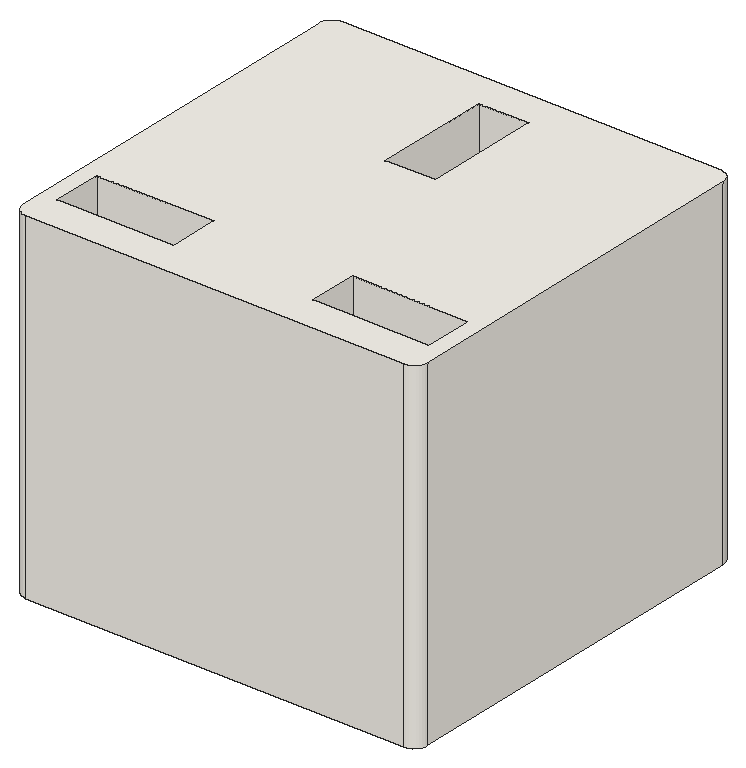
Revit family "Domotics-DomesticRanges-GEWISS-CHORUS_POWER-SOCKET-OUTLET_13A_ENG", category Apparecchi elettrici, host Superficie, Revit 2016
Family settings
  Host = Superficie
  Mantenere orientamento annotazione = Sì
  Tipo di parte = Normale
  Quota connettore circolare = Usa diametro
  Taglio con vuoti quando caricato = Sì
  Condiviso = Sì
  Punto di calcolo locali = Sì
Parameters (values of type "GW14296 - Socket outlet 2M 2P+E 13A uk standard titanium")
  Wiring terminals = "With screw"
  Voltage: = "250 V ac"
  Voltage = "250 V ac"
  Volt = 230 V
  Vista in pianta [instance] = yes
  Version file RFA = "19.0"
  URL = "https://www.gewiss.com/ww/en"
  Tipo = Chorus Prese Eng 13A_GENERICO : GW14296 Presa 2M 2P+T 13A standard Inglese titanio
  Thermo-pressure with ball = "125 °C"
  Terminal tightening capacity rigid cables (mm2) = "min. 0,5 - max. 2x2,5"
  Terminal tightening capacity flexible cables (mm2) = "min. 0,75 - max. 2x4"
  Terminal grip on cable traction = "> 50 N"
  Technical sheet = "https://www.gewiss.com/ww/en/search?q=GW14296"
  TXT ELETTRICO = "13"
  Standard; = "IEC 60884-1; BS 1363-2"
  Standard: = "British"
  Standard = "UK"
  Simbolo [instance] = yes
  SEO = "Socket outlet"
  Resistance at test voltage = "2000 V at 50 Hz for 1 minute"
  Realized by GEWISS S.p.A. = ""
  Default Elevation = 1219.2 mm
  Prolonged operation (no.of position changes) = "10.000 at In 250 V ac cosØ=0,8"
  Produttore = "GEWISS S.p.A."
  Offset presa [instance] = 0 mm
  Offset bidimensionale [instance] = 2 mm
  No. Chorus modules: = "2"
  No. Chorus modules = "2"
  N. poli = 1
  Modello = "GW14296"
  Insulation resistance = "> 5 MOhm"
  Immagine tipo = GW14296.jpg
  IFC.TypeObject = ""
  IFC.ExportType = ""
  IFC.ExportAs = ""
  IDT = "52e84893-02ac-4204-bcc4-ffe003daef48"
  IDF = "4440e827-df6d-472c-b9d9-53e8d2a5a7e6"
  Glow Wire Test = "850°C"
  For plug pins = "Flat"
  Electrocod = "0131"
  EAN code = "8011564266438"
  Distanza_x [instance] = 0 mm
  Distanza_effettiva_x [instance] = 1000 mm - Distanza_x  # 1000 mm
  Descrizione = "SOCKET 2M 2P+E 13A UK STANDARD TITANIUM"
  Description: = "2P+E - 13 A"
  Description. = "Socket-outlet"
  Colour = "Titanium"
  Characteristics = "With safety shields"
  Category = "Socket-outlet"
  Catalogue Range = "CHORUS - DOMESTIC RANGE"
  Catalogue = "DOMOTICS"
  Carico apparente = 0 VA
  COBie.Tagnumber = ""
  COBie.CreatedOn = ""
  COBie.CreatebBy = ""
  COBie.ComponentRegisterItemID = ""
  COBie.Component.TagNumber = ""
  COBie.Component.Space = ""
  COBie.Component.SerialNumber = ""
  COBie.Component.InstallationDate = ""
  COBie.Component.Description = ""
  COBie.Component.BarCode = ""
  Breaking capacity: = "1.25 In (100 position changes)"
Types (3, lengths in mm): name | Tipo | Technical sheet | Modello | Immagine tipo | IDT | EAN code | Descrizione | Colour
  GW10296 - Socket outlet 2M 2P+E 13A uk white | Chorus Prese Eng 13A_GENERICO : GW10296 Presa 2M 2P+T 13A standard Inglese bianco | "https://www.gewiss.com/ww/en/search?q=GW10296" | "GW10296" | GW10296.jpg | "3dc256cd-e73d-4221-b59e-b61c976b765b" | "8011564257986" | "S. OUTLET 2M 2P+E 13A UK WHITE" | "White"
  GW12296 - Socket outlet 2M 2P+E 13A uk standard black | Chorus Prese Eng 13A_GENERICO : GW12296 Presa 2M 2P+T 13A standard Inglese nero | "https://www.gewiss.com/ww/en/search?q=GW12296" | "GW12296" | GW12296.jpg | "f2c2c844-7eef-42d1-ae8c-61caf1feaa28" | "8011564266957" | "SOCKET 2M 2P+E 13A UK STANDARD BLACK" | "Black"
  GW14296 - Socket outlet 2M 2P+E 13A uk standard titanium | Chorus Prese Eng 13A_GENERICO : GW14296 Presa 2M 2P+T 13A standard Inglese titanio | "https://www.gewiss.com/ww/en/search?q=GW14296" | "GW14296" | GW14296.jpg | "52e84893-02ac-4204-bcc4-ffe003daef48" | "8011564266438" | "SOCKET 2M 2P+E 13A UK STANDARD TITANIUM" | "Titanium"
Reference planes
  plane 1 "Centro (Fronte/Retro)": y = 0
  plane 2: z = 0
  plane 3 "Centro (Sinistra/Destra)": x = 0
  plane 4: x = -1000
  plane 5: x = 0
  plane 6: z = 0
  plane 7: z = 41
  plane 8: z = 39
Lines and regions (mm)
  Masking region 1, visible <- "Vista in pianta"
    outline origin (0, 0, 0) x (1, 0, 0) y (0, 1, 0)
      loop
        line (-23, 21) -> (-23, -21)
        arc (-23, -21) -> (-22.561, -22.061) -> (-21.5, -22.5) r 1.5
        line (-21.5, -22.5) -> (21.5, -22.5)
        arc (21.5, -22.5) -> (22.561, -22.061) -> (23, -21) r 1.5
        line (23, -21) -> (23, 21)
        arc (23, 21) -> (22.561, 22.061) -> (21.5, 22.5) r 1.5
        line (21.5, 22.5) -> (-21.5, 22.5)
        arc (-21.5, 22.5) -> (-22.561, 22.061) -> (-23, 21) r 1.5
      loop
        line (-7.905, -18.555) -> (-7.905, -12.846) -> (-21.19, -12.846) -> (-21.19, -18.555) -> (-7.905, -18.555)
      loop
        line (21.19, -12.846) -> (7.905, -12.846) -> (7.905, -18.555) -> (21.19, -18.555) -> (21.19, -12.846)
      loop
        line (-2.855, 5.262) -> (2.855, 5.262) -> (2.855, 18.547) -> (-2.855, 18.547) -> (-2.855, 5.262)
  Masking region 2, visible <- "Vista in pianta"
    outline origin (0, 0, 0) x (1, 0, 0) y (0, 0, 1)
      loop
        line (23, 0) -> (23, 39) -> (-23, 39) -> (-23, 0) -> (23, 0)
  Masking region 3, visible <- "Vista in pianta"
    outline origin (0, 0, 0) x (0, 1, 0) y (0, 0, 1)
      loop
        line (22.5, 0) -> (22.5, 39) -> (-22.5, 39) -> (-22.5, 0) -> (22.5, 0)
Dimensions and locks
  plane 4 to plane 3 "Centro (Sinistra/Destra)" = 1000 mm
  "Distanza_effettiva_x": plane 4 to plane 5
  "Offset presa": plane 6 to host face
  locked: plane 8 to plane 6 at 39
  "Offset bidimensionale": plane 7 to plane 8
  aligned and locked: plane 2 to host face
  aligned and locked: level to host face
  aligned and locked: plane 5 to nested 1
  aligned and locked: plane 3 "Centro (Sinistra/Destra)" to nested 2
  aligned and locked: plane 1 "Centro (Fronte/Retro)" to nested 2
  aligned and locked: nested 2 to plane 6
  aligned and locked: nested 2 to plane 8
  aligned and locked: Masking region 1 sketch curve to nested 2  (x4)
  aligned and locked: plane 7 to import instance
  aligned and locked: Masking region 2 sketch curve to nested 2  (x2)
  aligned and locked: plane 8 to Masking region 2 sketch curve
  aligned and locked: plane 6 to Masking region 2 sketch curve
  aligned and locked: Masking region 3 sketch curve to nested 2  (x2)
  aligned and locked: plane 8 to Masking region 3 sketch curve
  aligned and locked: plane 6 to Masking region 3 sketch curve
Automatic sketch dimensions
  host sketch curve to host sketch curve = 2438.4 mm  (x2)
  Masking region 1 sketch curve to plane 3 "Centro (Sinistra/Destra)" = 7.905 mm
  Masking region 1 sketch curve to Masking region 1 sketch curve = 2.445 mm  (x2)
  Masking region 1 sketch curve to Masking region 1 sketch curve = 1.81 mm  (x2)
  Masking region 1 sketch curve to Masking region 1 sketch curve = 5.709 mm  (x2)
  plane 3 "Centro (Sinistra/Destra)" to Masking region 1 sketch curve = 7.905 mm
  plane 3 "Centro (Sinistra/Destra)" to Masking region 1 sketch curve = 2.855 mm
  Masking region 1 sketch curve to plane 1 "Centro (Fronte/Retro)" = 5.262 mm
  Masking region 1 sketch curve to plane 3 "Centro (Sinistra/Destra)" = 2.855 mm
  Masking region 1 sketch curve to Masking region 1 sketch curve = 13.285 mm
  Masking region 1 sketch curve to Masking region 1 sketch curve = 1.5 mm  (x4)
Nested families
  nested 1: "SIMBOLO PRESE" at (0, 100, 0), TESTO ELETTRICO <- "TXT ELETTRICO", SIMBOLO <- "Simbolo", visible <- "Simbolo", type "PRESA"
    with TESTO ELETTRICO "13", SIMBOLO yes, Distanza dal muro 4.208 mm, BORDO ACCESO yes
  nested 2: "Chorus Prese Eng 13A_GENERICO" at (0, 0, 0), type <- "Tipo", type "GW14296 Presa 2M 2P+T 13A standard Inglese titanio", detail levels medium+fine
Connectors
  electrical at (0, 0, 0), driven by "N. poli", driven by "Volt", driven by "Carico apparente"
    settings: on nested 2, index 1, voltage 230 V, apparent load 0 VA, apparent load phase1 0 VA, apparent load phase2 0 VA, apparent load phase3 0 VA, power factor 1, load classification "Altro", number of poles 1, system type 31, power factor state 1, is connector primary yes, connector utility no, sub classification motor no, connector description ""
Definition of nested family "Chorus Prese Eng 13A_GENERICO"
  Parameters (values of type "GW10296 Presa 2M 2P+T 13A standard Inglese bianco")
    Profondità presa = 39 mm
    Finitura Placca British = none
    Altezza da Terra = 750 mm
  Types (3): name
    GW10296 Presa 2M 2P+T 13A standard Inglese bianco
    GW12296 Presa 2M 2P+T 13A standard Inglese nero
    GW14296 Presa 2M 2P+T 13A standard Inglese titanio
  Reference planes
    plane 1 "Centro (Fronte/Retro)": y = 0
    plane 2: z = 0
    plane 3 "Centro (Sinistra/Destra)": x = 0
    plane 4: x = -23
    plane 5: x = 23
    plane 6: z = 34
    plane 7: z = 36.5
    plane 8: z = 39
  Forms (mm)
    Extrusion 1, solid, material <- "Finitura Placca British"
      sketch origin (0, -772.5, 39) x (1, 0, 0) y (0, 1, 0)
        loop
          arc (-21.5, 795) -> (-22.561, 794.561) -> (-23, 793.5) r 1.5
          line (-23, 793.5) -> (-23, 751.5)
          arc (-23, 751.5) -> (-22.561, 750.439) -> (-21.5, 750) r 1.5
          line (-21.5, 750) -> (21.5, 750)
          arc (21.5, 750) -> (22.561, 750.439) -> (23, 751.5) r 1.5
          line (23, 751.5) -> (23, 793.5)
          arc (23, 793.5) -> (22.561, 794.561) -> (21.5, 795) r 1.5
          line (21.5, 795) -> (-21.5, 795)
      from 0 to -39
    Extrusion 2, void
      sketch origin (0, -772.5, 39) x (1, 0, 0) y (0, 1, 0)
        loop
          line (-2.855, 791.047) -> (-2.855, 777.762) -> (2.855, 777.762) -> (2.855, 791.047) -> (-2.855, 791.047)
        loop
          line (-21.19, 759.654) -> (-21.19, 753.945) -> (-7.905, 753.945) -> (-7.905, 759.654) -> (-21.19, 759.654)
        loop
          line (21.19, 759.654) -> (7.905, 759.654) -> (7.905, 753.945) -> (21.19, 753.945) -> (21.19, 759.654)
      from 0 to -7.5
  Cuts and joins
    Extrusion 2 cuts Extrusion 1
  Dimensions and locks
    locked: plane 4 to plane 5 at 46
    "Profondità presa": plane 8 to level
    aligned and locked: level to plane 2
    aligned and locked: cut or joined group of Extrusion 1, Extrusion 2 to plane 4
    aligned and locked: plane 5 to cut or joined group of Extrusion 1, Extrusion 2
    aligned and locked: Extrusion 1 to level
  Automatic sketch dimensions
    Extrusion 1 sketch curve to plane 4 = 0 mm
    Extrusion 1 sketch curve to plane 5 = 0 mm
    plane 4 to Extrusion 1 sketch curve = 1.5 mm  (x2)
    Extrusion 1 sketch curve to plane 5 = 1.5 mm  (x2)
    plane 1 "Centro (Fronte/Retro)" to Extrusion 1 sketch curve = 22.5 mm
    Extrusion 1 sketch curve to plane 1 "Centro (Fronte/Retro)" = 21 mm
    plane 4 to Extrusion 2 sketch curve = 1.81 mm
    Extrusion 2 sketch curve to plane 3 "Centro (Sinistra/Destra)" = 7.905 mm
    Extrusion 2 sketch curve to plane 3 "Centro (Sinistra/Destra)" = 2.855 mm
    plane 3 "Centro (Sinistra/Destra)" to Extrusion 2 sketch curve = 2.855 mm
    plane 3 "Centro (Sinistra/Destra)" to Extrusion 2 sketch curve = 7.905 mm
    Extrusion 2 sketch curve to plane 5 = 1.81 mm
    plane 1 "Centro (Fronte/Retro)" to Extrusion 2 sketch curve = 18.555 mm  (x2)
    Extrusion 2 sketch curve to Extrusion 2 sketch curve = 5.709 mm  (x2)
    Extrusion 2 sketch curve to plane 1 "Centro (Fronte/Retro)" = 5.262 mm
    Extrusion 2 sketch curve to Extrusion 2 sketch curve = 13.285 mm
Definition of nested family "SIMBOLO PRESE"
  Parameters (values of type "PRESA")
    TESTO ELETTRICO [instance] = "TXT"
    Simbolo = SIMBOLO PRESE_BASE : PRESA
    SIMBOLO [instance] = yes
    Distanza dal muro [instance] = 4.208 mm
    BORDO ACCESO [instance] = yes
  Reference planes
    plane 1: y = 0
    plane 2: x = 0
  Dimensions and locks
    aligned and locked: plane 1 to nested 1
    aligned and locked: plane 2 to nested 1
  Nested families
    nested 1: "SIMBOLO PRESE_BASE" at (0, 0, 0), type <- "Simbolo", TESTO ELETTRICO <- "TESTO ELETTRICO", BORDO ACCESO <- "BORDO ACCESO", visible <- "SIMBOLO", type "PRESA"
      with TESTO ELETTRICO "TXT", BORDO ACCESO yes
  Definition of nested family "SIMBOLO PRESE_BASE"
    Parameters (values of type "PRESA")
      TESTO ELETTRICO [instance] = "TXT"
      Distanza dal muro = 4.208 mm
      BORDO ACCESO [instance] = yes
    Reference planes
      plane 1: y = 0
      plane 2: x = 0
    Lines and regions (mm)
      detail lines, visible <- "BORDO ACCESO", not visible
        curve 1: line (-1.743, 9.208, 0) -> (2.057, 9.208, 0)
        curve 2: line (2.057, 9.208, 0) -> (2.057, 4.208, 0)
        curve 3: line (2.057, 4.208, 0) -> (-1.743, 4.208, 0)
        curve 4: line (-1.743, 4.208, 0) -> (-1.743, 9.208, 0)
        curve 5: line (-1.543, 9.008, 0) -> (1.857, 9.008, 0)
        curve 6: line (1.857, 9.008, 0) -> (1.857, 4.408, 0)
        curve 7: line (1.857, 4.408, 0) -> (-1.543, 4.408, 0)
        curve 8: line (-1.543, 4.408, 0) -> (-1.543, 9.008, 0)
      detail lines
        curve 9: line (0.783, 1.133, 0) -> (-0.783, 1.133, 0)
        curve 10: line (0, 1.133, 0) -> (0, 0.349, 0)
        curve 11: arc (-0.783, 1.916, 0) -> (0, 1.133, 0) -> (0.783, 1.916, 0) r 0.783
    Text (mm)
      label "TXT" at (0.016, 1.578, 0), shows "TESTO ELETTRICO"
